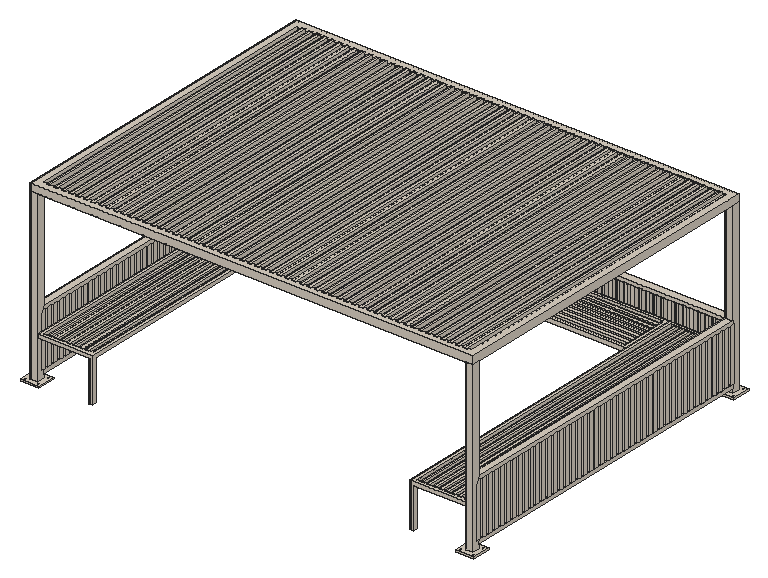
Revit family "Sun-Shades_SAVITUR_PalmSHIELD", category Generic Models, Revit 2026 (continued)
Definition of nested family "BackSide Horizontal Purlins"
  Parameters (values of type "Trellis")
    Redius_2 [instance] = 12' - 0"
    Material = none
    Default Elevation = 0' - 0"
    Center to Center = 0' - 3"
  Reference planes (in)
    plane 1 "Center (Front/Back)": y = 0
    plane 2: z = 0
    plane 3 "Center (Left/Right)": x = 0
    plane 4: x = -86
    plane 5: x = 86
    plane 6: x = -1.5
    plane 7: x = -4.5
    plane 8: x = 1.5
    plane 9: x = 4.5
    plane 10: z = 3
    plane 11: y = 2
    plane 12: y = -2
    plane 13: y = -1.875
    plane 14: y = 1.875
    plane 15: z = 3.125
    plane 16: z = 5
    plane 17: z = 4.875
    plane 18: z = 92
    plane 19: z = 91.875
    plane 20: z = 90
    plane 21: z = 90.125
    plane 22: z = 4
    plane 23: z = 7
  Dimensions and locks (in)
    "Purlin Length": plane 4 to plane 5
    equal spacing: plane 6, plane 3 "Center (Left/Right)", plane 8
    "Center to Center": plane 7 to plane 6
    "Center to Center": plane 8 to plane 9
    "Center to Center": plane 6 to plane 8
    plane 10 to level = 0' - 3"
    locked: plane 11 to plane 12 at 4
    locked: plane 14 to plane 11 at 0.125
    locked: plane 13 to plane 12 at 0.125
    plane 16 to plane 17 to plane 15 to plane 10 = 0' - 0 1/8" locked, 0' - 1 3/4" locked, 0' - 0 1/8" locked
    "Back Side Wall Prlins Height": plane 18 to level
    plane 18 to plane 19 to plane 21 to plane 20 = 0' - 0 1/8" locked, 0' - 1 3/4" locked, 0' - 0 1/8" locked
    plane 16 to level = 0' - 5"
    equal spacing: plane 4, plane 3 "Center (Left/Right)", plane 5
    locked: plane 22 to plane 10 at 1
    "Center to Center": plane 23 to plane 22
    equal spacing: group 3, group 4, group 5, group 6, group 7, group 8, group 9, group 10, group 11, group 12, group 13, group 14, group 15, group 16, group 17, group 18, group 19, group 20, group 21, group 22, group 23, group 24, group 25, group 26, group 27, group 28, group 29, group 30, group 31, group 32, group 33  (x3)
    aligned and locked: plane 2 to level
    aligned and locked: plane 3 "Center (Left/Right)" to nested 3
    aligned and locked: nested 3 to plane 1 "Center (Front/Back)"
    aligned and locked: nested 3 to plane 22
    aligned and locked: nested 4 to plane 23
  Nested families (in)
    nested 1: "Vertical Purlin" at (-14.11258, -7.68441, 5) x (0.8607, -0.509, 0) z (0, 0, 1), type "Vertical Purlin", not visible
      with Purlins Width 0' - 3", Purlins Height 0' - 4", Height 7' - 3"
    nested 2: "ALUMINUM RECT TUBE PURLIN" at (-31.33551, -18.77251, 0) x (0.6252, 0.7804, 0) z (0, 0, 1), type "Aluminum Rect Tube Purlins Vertical Underhanging", not visible
      with LENGTH 14' - 4", WIDTH 0' - 4", HEIGHT 0' - 1"
    nested 3: "ALUMINUM RECT TUBE PURLIN" at (0, 0, 3.375) x (0, 1, 0) z (0, 0, 1), type "Aluminum Rect Tube Purlins Vertical Underhanging"
      with LENGTH 14' - 4", WIDTH 0' - 4", HEIGHT 0' - 1"
    nested 4: "ALUMINUM RECT TUBE PURLIN" at (0, 0, 6.375) x (0, 1, 0) z (0, 0, 1), type "Aluminum Rect Tube Purlins Vertical Underhanging"
      with LENGTH 14' - 4", WIDTH 0' - 4", HEIGHT 0' - 1"
    nested 5: "ALUMINUM RECT TUBE PURLIN" at (0, 0, 9.375) x (0, 1, 0) z (0, 0, 1), type "Aluminum Rect Tube Purlins Vertical Underhanging"
      with LENGTH 14' - 4", WIDTH 0' - 4", HEIGHT 0' - 1"
    nested 6: "ALUMINUM RECT TUBE PURLIN" at (0, 0, 12.375) x (0, 1, 0) z (0, 0, 1), type "Aluminum Rect Tube Purlins Vertical Underhanging"
      with LENGTH 14' - 4", WIDTH 0' - 4", HEIGHT 0' - 1"
    nested 7: "ALUMINUM RECT TUBE PURLIN" at (0, 0, 15.375) x (0, 1, 0) z (0, 0, 1), type "Aluminum Rect Tube Purlins Vertical Underhanging"
      with LENGTH 14' - 4", WIDTH 0' - 4", HEIGHT 0' - 1"
    nested 8: "ALUMINUM RECT TUBE PURLIN" at (0, 0, 18.375) x (0, 1, 0) z (0, 0, 1), type "Aluminum Rect Tube Purlins Vertical Underhanging"
      with LENGTH 14' - 4", WIDTH 0' - 4", HEIGHT 0' - 1"
    nested 9: "ALUMINUM RECT TUBE PURLIN" at (0, 0, 21.375) x (0, 1, 0) z (0, 0, 1), type "Aluminum Rect Tube Purlins Vertical Underhanging"
      with LENGTH 14' - 4", WIDTH 0' - 4", HEIGHT 0' - 1"
    nested 10: "ALUMINUM RECT TUBE PURLIN" at (0, 0, 24.375) x (0, 1, 0) z (0, 0, 1), type "Aluminum Rect Tube Purlins Vertical Underhanging"
      with LENGTH 14' - 4", WIDTH 0' - 4", HEIGHT 0' - 1"
    nested 11: "ALUMINUM RECT TUBE PURLIN" at (0, 0, 27.375) x (0, 1, 0) z (0, 0, 1), type "Aluminum Rect Tube Purlins Vertical Underhanging"
      with LENGTH 14' - 4", WIDTH 0' - 4", HEIGHT 0' - 1"
    nested 12: "ALUMINUM RECT TUBE PURLIN" at (0, 0, 30.375) x (0, 1, 0) z (0, 0, 1), type "Aluminum Rect Tube Purlins Vertical Underhanging"
      with LENGTH 14' - 4", WIDTH 0' - 4", HEIGHT 0' - 1"
    nested 13: "ALUMINUM RECT TUBE PURLIN" at (0, 0, 33.375) x (0, 1, 0) z (0, 0, 1), type "Aluminum Rect Tube Purlins Vertical Underhanging"
      with LENGTH 14' - 4", WIDTH 0' - 4", HEIGHT 0' - 1"
    nested 14: "ALUMINUM RECT TUBE PURLIN" at (0, 0, 36.375) x (0, 1, 0) z (0, 0, 1), type "Aluminum Rect Tube Purlins Vertical Underhanging"
      with LENGTH 14' - 4", WIDTH 0' - 4", HEIGHT 0' - 1"
    nested 15: "ALUMINUM RECT TUBE PURLIN" at (0, 0, 39.375) x (0, 1, 0) z (0, 0, 1), type "Aluminum Rect Tube Purlins Vertical Underhanging"
      with LENGTH 14' - 4", WIDTH 0' - 4", HEIGHT 0' - 1"
    nested 16: "ALUMINUM RECT TUBE PURLIN" at (0, 0, 42.375) x (0, 1, 0) z (0, 0, 1), type "Aluminum Rect Tube Purlins Vertical Underhanging"
      with LENGTH 14' - 4", WIDTH 0' - 4", HEIGHT 0' - 1"
    nested 17: "ALUMINUM RECT TUBE PURLIN" at (0, 0, 45.375) x (0, 1, 0) z (0, 0, 1), type "Aluminum Rect Tube Purlins Vertical Underhanging"
      with LENGTH 14' - 4", WIDTH 0' - 4", HEIGHT 0' - 1"
    nested 18: "ALUMINUM RECT TUBE PURLIN" at (0, 0, 48.375) x (0, 1, 0) z (0, 0, 1), type "Aluminum Rect Tube Purlins Vertical Underhanging"
      with LENGTH 14' - 4", WIDTH 0' - 4", HEIGHT 0' - 1"
    nested 19: "ALUMINUM RECT TUBE PURLIN" at (0, 0, 51.375) x (0, 1, 0) z (0, 0, 1), type "Aluminum Rect Tube Purlins Vertical Underhanging"
      with LENGTH 14' - 4", WIDTH 0' - 4", HEIGHT 0' - 1"
    nested 20: "ALUMINUM RECT TUBE PURLIN" at (0, 0, 54.375) x (0, 1, 0) z (0, 0, 1), type "Aluminum Rect Tube Purlins Vertical Underhanging"
      with LENGTH 14' - 4", WIDTH 0' - 4", HEIGHT 0' - 1"
    nested 21: "ALUMINUM RECT TUBE PURLIN" at (0, 0, 57.375) x (0, 1, 0) z (0, 0, 1), type "Aluminum Rect Tube Purlins Vertical Underhanging"
      with LENGTH 14' - 4", WIDTH 0' - 4", HEIGHT 0' - 1"
    nested 22: "ALUMINUM RECT TUBE PURLIN" at (0, 0, 60.375) x (0, 1, 0) z (0, 0, 1), type "Aluminum Rect Tube Purlins Vertical Underhanging"
      with LENGTH 14' - 4", WIDTH 0' - 4", HEIGHT 0' - 1"
    nested 23: "ALUMINUM RECT TUBE PURLIN" at (0, 0, 63.375) x (0, 1, 0) z (0, 0, 1), type "Aluminum Rect Tube Purlins Vertical Underhanging"
      with LENGTH 14' - 4", WIDTH 0' - 4", HEIGHT 0' - 1"
    nested 24: "ALUMINUM RECT TUBE PURLIN" at (0, 0, 66.375) x (0, 1, 0) z (0, 0, 1), type "Aluminum Rect Tube Purlins Vertical Underhanging"
      with LENGTH 14' - 4", WIDTH 0' - 4", HEIGHT 0' - 1"
    nested 25: "ALUMINUM RECT TUBE PURLIN" at (0, 0, 69.375) x (0, 1, 0) z (0, 0, 1), type "Aluminum Rect Tube Purlins Vertical Underhanging"
      with LENGTH 14' - 4", WIDTH 0' - 4", HEIGHT 0' - 1"
    nested 26: "ALUMINUM RECT TUBE PURLIN" at (0, 0, 72.375) x (0, 1, 0) z (0, 0, 1), type "Aluminum Rect Tube Purlins Vertical Underhanging"
      with LENGTH 14' - 4", WIDTH 0' - 4", HEIGHT 0' - 1"
    nested 27: "ALUMINUM RECT TUBE PURLIN" at (0, 0, 75.375) x (0, 1, 0) z (0, 0, 1), type "Aluminum Rect Tube Purlins Vertical Underhanging"
      with LENGTH 14' - 4", WIDTH 0' - 4", HEIGHT 0' - 1"
    nested 28: "ALUMINUM RECT TUBE PURLIN" at (0, 0, 78.375) x (0, 1, 0) z (0, 0, 1), type "Aluminum Rect Tube Purlins Vertical Underhanging"
      with LENGTH 14' - 4", WIDTH 0' - 4", HEIGHT 0' - 1"
    nested 29: "ALUMINUM RECT TUBE PURLIN" at (0, 0, 81.375) x (0, 1, 0) z (0, 0, 1), type "Aluminum Rect Tube Purlins Vertical Underhanging"
      with LENGTH 14' - 4", WIDTH 0' - 4", HEIGHT 0' - 1"
    nested 30: "ALUMINUM RECT TUBE PURLIN" at (0, 0, 84.375) x (0, 1, 0) z (0, 0, 1), type "Aluminum Rect Tube Purlins Vertical Underhanging"
      with LENGTH 14' - 4", WIDTH 0' - 4", HEIGHT 0' - 1"
    nested 31: "ALUMINUM RECT TUBE PURLIN" at (0, 0, 87.375) x (0, 1, 0) z (0, 0, 1), type "Aluminum Rect Tube Purlins Vertical Underhanging"
      with LENGTH 14' - 4", WIDTH 0' - 4", HEIGHT 0' - 1"
    nested 32: "ALUMINUM RECT TUBE PURLIN" at (0, 0, 90.375) x (0, 1, 0) z (0, 0, 1), type "Aluminum Rect Tube Purlins Vertical Underhanging"
      with LENGTH 14' - 4", WIDTH 0' - 4", HEIGHT 0' - 1"
    nested 33: "ALUMINUM RECT TUBE PURLIN" at (0, 0, 93.375) x (0, 1, 0) z (0, 0, 1), type "Aluminum Rect Tube Purlins Vertical Underhanging"
      with LENGTH 14' - 4", WIDTH 0' - 4", HEIGHT 0' - 1"
  Definition of nested family "Vertical Purlin"
    Parameters (values of type "Vertical Purlin")
      Purlins Width = 0' - 2"
      Purlins Height = 0' - 3"
      Materials = none
      Height = 5' - 11.88692"
      Default Elevation = 0' - 0"
    Reference planes (in)
      plane 1 "Center (Front/Back)": y = 0
      plane 2: z = 0
      plane 3 "Center (Left/Right)": x = 0
      plane 4: x = -1.5
      plane 5: x = 1.5
      plane 6: y = 1
      plane 7: y = -1
      plane 8: x = -1.375
      plane 9: x = 1.375
      plane 10: y = 0.875
      plane 11: y = -0.875
      plane 12: z = 71.88692
    Forms (in)
      Extrusion 1, solid, material <- "Materials"
        sketch origin (0, 0, 0) x (1, 0, 0) y (0, 1, 0)
          loop
            line (-1.375, 0.875) -> (-1.375, -0.875) -> (1.375, -0.875) -> (1.375, 0.875) -> (-1.375, 0.875)
          loop
            line (-1.5, 1) -> (-1.5, -1) -> (1.5, -1) -> (1.5, 1) -> (-1.5, 1)
        from 0 to 71.88692
    Dimensions and locks (in)
      equal spacing: plane 6, plane 1 "Center (Front/Back)", plane 7
      equal spacing: plane 4, plane 3 "Center (Left/Right)", plane 5
      locked: plane 4 to plane 8 at 0.125
      locked: plane 9 to plane 5 at 0.125
      locked: plane 11 to plane 7 at 0.125
      locked: plane 6 to plane 10 at 0.125
      "Height": plane 12 to level
      "Purlins Width": plane 6 to plane 7
      "Purlins Height": plane 4 to plane 5
      aligned and locked: plane 2 to level
      aligned and locked: Extrusion 1 sketch curve to plane 10
      aligned and locked: Extrusion 1 sketch curve to plane 6
      aligned and locked: Extrusion 1 sketch curve to plane 8
      aligned and locked: Extrusion 1 sketch curve to plane 4
      aligned and locked: plane 9 to Extrusion 1 sketch curve
      aligned and locked: Extrusion 1 sketch curve to plane 5
      aligned and locked: Extrusion 1 sketch curve to plane 11
      aligned and locked: Extrusion 1 sketch curve to plane 7
      aligned and locked: plane 12 to Extrusion 1
  Definition of nested family "ALUMINUM RECT TUBE PURLIN"
    Parameters (values of type "Aluminum Rect Tube Purlins Vertical Underhanging")
      LENGTH = 4' - 0"
      WIDTH = 0' - 2"
      HEIGHT = 0' - 4"
      Default Elevation = 0' - 0"
      Aluminum = none
    Reference planes (in)
      plane 1 "Center (Front/Back)": y = 0
      plane 2: z = 0.125
      plane 3 "Center (Left/Right)": x = 0
      plane 4: z = 4.125
      plane 5: x = -1
      plane 6: x = 1
      plane 7: x = -0.875
      plane 8: x = 0.875
      plane 9: z = 0.25
      plane 10: z = 4
      plane 11: y = 24
      plane 12: y = -24
      plane 13: z = 2.125
    Forms (in)
      Extrusion 1, solid, material <- "Aluminum"
        sketch origin (0, 0, 0) x (1, 0, 0) y (0, 0, 1)
          loop
            line (-1, 4.125) -> (-1, 0.125) -> (1, 0.125) -> (1, 4.125) -> (-1, 4.125)
          loop
            line (-0.875, 0.25) -> (0.875, 0.25) -> (0.875, 4) -> (-0.875, 4) -> (-0.875, 0.25)
        from -24 to 24
    Dimensions and locks (in)
      equal spacing: plane 6, plane 3 "Center (Left/Right)", plane 5
      "WIDTH": plane 6 to plane 5
      "HEIGHT": plane 4 to level
      locked: plane 7 to plane 5 at 0.125
      locked: plane 6 to plane 8 at 0.125
      locked: plane 9 to level at 0.125
      locked: plane 4 to plane 10 at 0.125
      equal spacing: plane 11, plane 1 "Center (Front/Back)", plane 12
      "LENGTH": plane 11 to plane 12
      equal spacing: plane 4, plane 13, level
      aligned and locked: plane 2 to level
      aligned and locked: Extrusion 1 sketch curve to plane 4
      aligned and locked: Extrusion 1 sketch curve to plane 5
      aligned and locked: Extrusion 1 sketch curve to plane 6
      aligned and locked: Extrusion 1 sketch curve to level
      aligned and locked: Extrusion 1 sketch curve to plane 9
      aligned and locked: plane 8 to Extrusion 1 sketch curve
      aligned and locked: Extrusion 1 sketch curve to plane 7
      aligned and locked: Extrusion 1 sketch curve to plane 10
      aligned and locked: plane 11 to Extrusion 1
      aligned and locked: Extrusion 1 to plane 12
Definition of nested family "Bench"
  Parameters (values of type "Bench")
    X1 = Depth - 0' 4"  # 2' - 2"
    Purlin Length = Length - 0' 4"  # 7' - 8"
    No of Support = X1 / C to C  # 5
    Materials = none
    Length = 8' - 0"
    Height = 2' - 0"
    Depth = 2' - 6"
    Default Elevation = 0' - 0"
    C to C = 0' - 5"
  Reference planes (in)
    plane 1 "Center (Front/Back)": y = 0
    plane 2: z = 0
    plane 3 "Center (Left/Right)": x = 0
    plane 4: y = -30
    plane 5: x = -48
    plane 6: x = 48
    plane 7: z = 24
    plane 8: z = 22
    plane 9: x = -46
    plane 10: z = 23.875
    plane 11: z = 22.125
    plane 12: x = -47.875
    plane 13: x = -46.125
    plane 14: x = 46
    plane 15: x = 47.875
    plane 16: x = 46.125
    plane 17: y = -5
    plane 18: y = -5
    plane 19: y = -1
    plane 20: y = -29
    plane 21: y = -25
    plane 22: y = -10
    plane 23: y = -28.125
    plane 24: y = -28
    plane 25: y = -29.875
  Forms (in)
    Sweep 1, solid, material <- "Materials"
      path origin (0, 0, 0) x (1, 0, 0) y (0, 1, 0)
        loop
          line (-48, 0) -> (-48, -30) -> (48, -30) -> (48, 0) -> (-48, 0)
      profile origin (-48, -15, 0) x (1, 0, 0) y (0, 0, 1)
        loop
          line (0, 24) -> (0, 22) -> (2, 22) -> (2, 24) -> (0, 24)
        loop
          line (0.125, 23.875) -> (0.125, 22.125) -> (1.875, 22.125) -> (1.875, 23.875) -> (0.125, 23.875)
    Extrusion 2, solid, material <- "Materials"
      sketch origin (0, 0, 0) x (1, 0, 0) y (0, 1, 0)
        loop
          line (-48, -28) -> (-48, -30) -> (-46, -30) -> (-46, -28) -> (-48, -28)
        loop
          line (-47.875, -28.125) -> (-47.875, -29.875) -> (-46.125, -29.875) -> (-46.125, -28.125) -> (-47.875, -28.125)
        loop
          line (48, -28) -> (46, -28) -> (46, -30) -> (48, -30) -> (48, -28)
        loop
          line (47.875, -28.125) -> (46.125, -28.125) -> (46.125, -29.875) -> (47.875, -29.875) -> (47.875, -28.125)
      from 0 to 22
  Cuts and joins
    joined: Sweep 1, Extrusion 2
  Dimensions and locks (in)
    "Depth": plane 4 to plane 1 "Center (Front/Back)"
    equal spacing: plane 5, plane 3 "Center (Left/Right)", plane 6
    "Length": plane 5 to plane 6
    "Height": plane 7 to plane 2
    plane 9 to plane 13 to plane 12 to plane 5 = 0' - 0 1/8" locked, 0' - 1 3/4" locked, 0' - 0 1/8" locked
    plane 7 to plane 10 to plane 11 to plane 8 = 0' - 0 1/8" locked, 0' - 1 3/4" locked, 0' - 0 1/8" locked
    plane 14 to plane 16 to plane 15 to plane 6 = 0' - 0 1/8" locked, 0' - 1 3/4" locked, 0' - 0 1/8" locked
    plane 18 to plane 19 = 0' - 4"
    locked: plane 1 "Center (Front/Back)" to plane 19 at 1
    plane 20 to plane 25 to plane 4 = 0' - 0 7/8" locked, 0' - 0 1/8" locked
    locked: plane 21 to plane 20 at 4
    equal spacing: group 1, group 3, group 4, group 5, group 2  (x2)
    equal spacing: group 2, group 5, group 4, group 3, group 1
    "C to C": plane 22 to plane 18
    plane 24 to plane 23 to plane 20 = 0' - 0 1/8" locked, 0' - 0 7/8" locked
    aligned and locked: level to plane 2
    aligned and locked: Sweep 1 sketch curve to plane 5  (x2)
    aligned and locked: Sweep 1 sketch curve to plane 1 "Center (Front/Back)"
    aligned and locked: Sweep 1 sketch curve to plane 4
    aligned and locked: Sweep 1 sketch curve to plane 6
    aligned and locked: Sweep 1 sketch curve to plane 7
    aligned and locked: Sweep 1 sketch curve to plane 8
    aligned and locked: Sweep 1 sketch curve to plane 9
    aligned and locked: Sweep 1 sketch curve to plane 10
    aligned and locked: Sweep 1 sketch curve to plane 12
    aligned and locked: Sweep 1 sketch curve to plane 11
    aligned and locked: Sweep 1 sketch curve to plane 13
    aligned and locked: plane 3 "Center (Left/Right)" to nested 1
    aligned and locked: nested 1 to plane 18
    aligned and locked: plane 21 to nested 2
    aligned and locked: Extrusion 2 sketch curve to plane 5
    aligned and locked: Extrusion 2 sketch curve to plane 12
    aligned and locked: Extrusion 2 sketch curve to plane 13
    aligned and locked: Extrusion 2 sketch curve to plane 9
    aligned and locked: Extrusion 2 sketch curve to plane 23  (x2)
    aligned and locked: Extrusion 2 sketch curve to plane 24  (x2)
    aligned and locked: Extrusion 2 sketch curve to plane 25  (x2)
    aligned and locked: Extrusion 2 sketch curve to plane 4  (x2)
    aligned and locked: plane 15 to Extrusion 2 sketch curve
    aligned and locked: plane 6 to Extrusion 2 sketch curve
    aligned and locked: plane 16 to Extrusion 2 sketch curve
    aligned and locked: plane 14 to Extrusion 2 sketch curve
    aligned and locked: nested 2 to plane 8
    aligned and locked: nested 5 to plane 8
    aligned and locked: Extrusion 2 to plane 2
    aligned and locked: plane 8 to Extrusion 2
  Nested families (in)
    nested 1: "Family2" at (0, -5, 22) x (0, 1, 0) z (0, 0, 1), type "Up"
      with Purlin Length 7' - 8"
    nested 2: "Family2" at (0, -25, 22) x (0, 1, 0) z (0, 0, 1), type "Up"
      with Purlin Length 7' - 8"
    nested 3: "Family2" at (0, -10, 22) x (0, 1, 0) z (0, 0, 1), type "Up"
      with Purlin Length 7' - 8"
    nested 4: "Family2" at (0, -15, 22) x (0, 1, 0) z (0, 0, 1), type "Up"
      with Purlin Length 7' - 8"
    nested 5: "Family2" at (0, -20, 22) x (0, 1, 0) z (0, 0, 1), type "Up"
      with Purlin Length 7' - 8"
  Definition of nested family "Family2"
    Parameters (values of type "Down")
      Purlin Length = 12' - 0"
      Purlin Height = 0' - 3"
      Parlin Width = 0' - 2"
      Material = none
      Default Elevation = 0' - 0"
    Types (3): name | Purlin Length | Purlin Height
      Up | 19' - 4" | 0' - 2"
      Down | 12' - 0" | 0' - 3"
      Family2 | 19' - 4" | 0' - 2"
    Reference planes (in)
      plane 1 "Center (Front/Back)": y = 0
      plane 2: z = 0
      plane 3 "Center (Left/Right)": x = 0
      plane 4: z = 3
      plane 5: x = -1
      plane 6: x = 1
      plane 7: z = -3
      plane 8: z = 2.875
      plane 9: z = -2.875
      plane 10: x = 0.875
      plane 11: x = -0.875
      plane 12: z = 0.125
      plane 13: z = -0.125
      plane 14: y = 72
      plane 15: y = -72
    Forms (in)
      Extrusion 1, solid, material <- "Material"
        sketch origin (0, 0, 0) x (1, 0, 0) y (0, 0, 1)
          loop
            line (1, 3) -> (-1, 3) -> (-1, 0) -> (1, 0) -> (1, 3)
          loop
            line (-0.875, 2.875) -> (-0.875, 0.125) -> (0.875, 0.125) -> (0.875, 2.875) -> (-0.875, 2.875)
        from -72 to 72
    Dimensions and locks (in)
      "Purlin Height": plane 4 to level
      equal spacing: plane 6, plane 3 "Center (Left/Right)", plane 5
      "Parlin Width": plane 5 to plane 6
      "Purlin Height": plane 2 to plane 7
      locked: plane 4 to plane 8 at 0.125
      locked: plane 9 to plane 7 at 0.125
      locked: plane 11 to plane 5 at 0.125
      locked: plane 10 to plane 6 at 0.125
      locked: plane 12 to plane 2 at 0.125
      locked: plane 13 to plane 2 at 0.125
      "Purlin Length": plane 14 to plane 15
      equal spacing: plane 14, plane 1 "Center (Front/Back)", plane 15
      aligned and locked: plane 2 to level
      aligned and locked: Extrusion 1 sketch curve to plane 4
      aligned and locked: Extrusion 1 sketch curve to plane 5
      aligned and locked: plane 6 to Extrusion 1 sketch curve
      aligned and locked: Extrusion 1 sketch curve to level
      aligned and locked: Extrusion 1 sketch curve to plane 11
      aligned and locked: Extrusion 1 sketch curve to plane 8
      aligned and locked: plane 10 to Extrusion 1 sketch curve
      aligned and locked: Extrusion 1 sketch curve to plane 12
      aligned and locked: plane 14 to Extrusion 1
      aligned and locked: Extrusion 1 to plane 14
      aligned and locked: Extrusion 1 to plane 15
Types (14): name | Finish | Purlin Width | Purlin Height | Material | Center to Center
  (no name) | "PalmSHIELD - Aluminum" | 0' - 2" | 0' - 4" | PalmSHIELD - Alloy | 0' - 4"
  ALUMINUM PURLINS 1" x 3" | "PalmSHIELD - Aluminum" | 0' - 1" | 0' - 3" | PalmSHIELD - Black | 0' - 3"
  ALUMINUM PURLINS 1" x 4" | "PalmSHIELD - Aluminum" | 0' - 1" | 0' - 4" | PalmSHIELD - Gray | 0' - 3"
  ALUMINUM PURLINS 2" x 2" | "PalmSHIELD - Aluminum" | 0' - 2" | 0' - 2" | PalmSHIELD - Alloy | 0' - 4"
  ALUMINUM PURLINS 2" x 3" | "PalmSHIELD - Aluminum" | 0' - 2" | 0' - 3" | PalmSHIELD - Alloy | 0' - 4"
  ALUMINUM PURLINS 3" x 3" | "PalmSHIELD - Aluminum" | 0' - 3" | 0' - 3" | PalmSHIELD - Alloy | 0' - 5"
  ALUMINUM PURLINS 2" x 4" | "PalmSHIELD - Aluminum" | 0' - 2" | 0' - 4" | PalmSHIELD - Alloy | 0' - 4"
  ALUMINUM PURLINS 2" x 5" | "PalmSHIELD - Aluminum" | 0' - 2" | 0' - 5" | PalmSHIELD - Alloy | 0' - 4"
  ALUMINUM PURLINS 2" x 6" | "PalmSHIELD - Aluminum" | 0' - 2" | 0' - 6" | PalmSHIELD - Alloy | 0' - 4"
  Wood Finished 2" x 4" | "PalmSHIELD - Wood" | 0' - 2" | 0' - 4" | PalmSHIELD - Alloy | 0' - 4"
  Wood Finished 2" x 6" | "PalmSHIELD - Wood" | 0' - 2" | 0' - 6" | PalmSHIELD - Alloy | 0' - 4"
  Wood Finished 2" x 8" | "PalmSHIELD - Wood" | 0' - 2" | 0' - 8" | PalmSHIELD - Alloy | 0' - 4"
  Wood Finished 2" x 10" | "PalmSHIELD - Wood" | 0' - 2" | 0' - 10" | PalmSHIELD - Alloy | 0' - 4"
  Wood Finished 4" x 4" | "PalmSHIELD - Wood" | 0' - 4" | 0' - 4" | PalmSHIELD - Alloy | 0' - 6"
